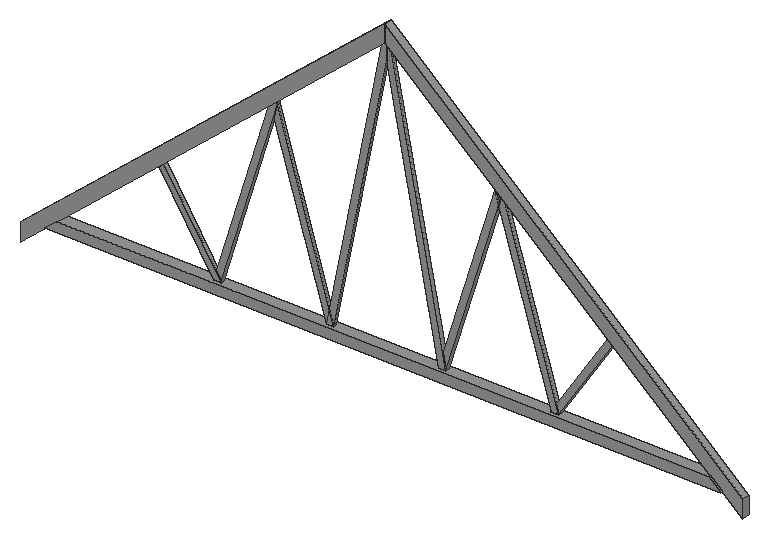
Revit family "DoubleFinkTruss", category Structural Framing, Revit 2022
Family settings
  Section Shape = Not Defined
  Material for Model Behavior = Wood
  Always export as geometry = No
  OmniClass Number = 23.25.30.21.14
  OmniClass Title = Trussed Beams and Joists
  Work Plane-Based = No
  Always vertical = Yes
  Cut with Voids When Loaded = No
  Symbolic Representation = From Family
  Shared = No
  Show family pre-cut in plan views = Yes
Parameters
  WebWidth [instance] = 50 mm
  TopWidth [instance] = 100 mm
  WebDepth [instance] = 100 mm
  Structural Material [instance] = Poche
  SpanleftMini [instance] = SpanLeft / 12  # 416.667 mm
  SpanRightMini [instance] = SpanRight / 12  # 416.667 mm
  SpanRight [instance] = 5000 mm
  SpanLeft [instance] = 5000 mm
  Span [instance] = SpanLeft + SpanRight  # 10000 mm
  SlopeRight [instance] = 40.00°
  SlopeLeft [instance] = 40.00°
  OverhangRight [instance] = 400 mm
  OverhangLeft [instance] = 300 mm
  BottomWidth [instance] = 180 mm
  BottomDepth [instance] = 150 mm
  TopDepth [instance] = 200 mm
Reference planes
  plane 1 "Center (Front/Back)": y = 0
  plane 2: z = 0
  plane 3 "Center (Left/Right)": x = 0
  plane 4: x = 5000
  plane 5: x = 5300
  plane 6: x = -5000
  plane 7: x = -5400
  plane 8: z = 150
  plane 9: x = -1666.667
  plane 10: x = -3333.333
  plane 11: x = 1666.667
  plane 12: x = 3333.333
  plane 13: x = -833.333
  plane 14: x = -2500
  plane 15: x = 833.333
  plane 16: x = 2500
  plane 17: x = -4166.667
  plane 18: x = 4166.667
Forms (mm)
  Extrusion 1, solid, material "Cherry"
    sketch origin (0, 0, 0) x (1, 0, 0) y (0, 0, 1)
      loop
        line (-5000, 0) -> (5000, 0) -> (4821.237, 150) -> (-4821.237, 150) -> (-5000, 0)
    from -90 to 90
  Extrusion 2, solid, material "Cherry"
    sketch origin (0, 0, 0) x (1, 0, 0) y (0, 0, 1)
      loop
        line (-61.717, 4143.711) -> (-884.383, 150) -> (-782.284, 150) -> (0, 3947.672) -> (0, 4195.498) -> (-61.717, 4143.711)
    from -25 to 25
  Extrusion 3, solid, material "Cherry"
    sketch origin (0, 0, 0) x (1, 0, 0) y (0, 0, 1)
      loop
        line (0, 3947.672) -> (782.284, 150) -> (884.383, 150) -> (61.717, 4143.711) -> (0, 4195.498) -> (0, 3947.672)
    from -25 to 25
  Extrusion 4, solid, material "Cherry"
    sketch origin (0, 0, 0) x (1, 0, 0) y (0, 0, 1)
      loop
        line (780.914, 150) -> (885.753, 150) -> (1708.132, 2762.205) -> (1625.201, 2831.792) -> (780.914, 150)
    from -25 to 25
  Extrusion 5, solid, material "Cherry"
    sketch origin (0, 0, 0) x (1, 0, 0) y (0, 0, 1)
      loop
        line (-1595.429, 2856.775) -> (-1737.905, 2737.223) -> (-2552.419, 150) -> (-2447.581, 150) -> (-1595.429, 2856.775)
    from -25 to 25
  Extrusion 6, solid, material "Cherry"
    sketch origin (0, 0, 0) x (1, 0, 0) y (0, 0, 1)
      loop
        line (1737.905, 2737.223) -> (1595.429, 2856.775) -> (2447.581, 150) -> (2552.419, 150) -> (1737.905, 2737.223)
    from -25 to 25
  Extrusion 7, solid, material "Cherry"
    sketch origin (0, 0, 0) x (1, 0, 0) y (0, 0, 1)
      loop
        line (5300, -251.73) -> (5300, 9.352) -> (0, 4456.58) -> (0, 4195.498) -> (5300, -251.73)
    from -50 to 50
  Extrusion 8, solid, material "Cherry"
    sketch origin (0, 0, 0) x (1, 0, 0) y (0, 0, 1)
      loop
        line (-5400, -335.64) -> (0, 4195.498) -> (0, 4456.58) -> (-5400, -74.558) -> (-5400, -335.64)
    from -50 to 50
  Extrusion 9, solid, material "Cherry"
    sketch origin (0, 0, 0) x (1, 0, 0) y (0, 0, 1)
      loop
        line (-2439.885, 150) -> (-3294.8, 1430.833) -> (-3371.867, 1366.166) -> (-2560.115, 150) -> (-2439.885, 150)
    from -25 to 25
  Extrusion 10, solid, material "Cherry"
    sketch origin (0, 0, 0) x (1, 0, 0) y (0, 0, 1)
      loop
        line (2560.115, 150) -> (3371.867, 1366.166) -> (3294.8, 1430.833) -> (2439.885, 150) -> (2560.115, 150)
    from -25 to 25
  Extrusion 11, solid, material "Cherry"
    sketch origin (0, 0, 0) x (1, 0, 0) y (0, 0, 1)
      loop
        line (-780.914, 150) -> (-1625.201, 2831.792) -> (-1708.132, 2762.205) -> (-885.753, 150) -> (-780.914, 150)
    from -25 to 25
Lines and regions (mm)
  reference lines
    curve 1: line (5000, 0, 0) -> (0, 0, 4195.498)
    curve 2: line (5311.145, 0, 0) -> (120, 0, 4355.888)
    curve 3: line (-5000, 0, 0) -> (0, 0, 4195.498)
    curve 4: line (-5122.147, 0, 158.588) -> (-162.055, 0, 4320.599)
    curve 5: line (0, 50, 1645.888) -> (0, 50, -804.112)
    curve 6: line (0, -50, 1645.888) -> (0, -50, -804.112)
    curve 7: line (0, -25, 1645.888) -> (0, -25, -804.112)
    curve 8: line (0, -90, 1645.888) -> (0, -90, -804.112)
    curve 9: line (0, 25, 1645.888) -> (0, 25, -804.112)
    curve 10: line (0, 90, 1645.888) -> (0, 90, -804.112)
    curve 11: line (0, 0, 4195.498) -> (-833.333, 0, 150)
    curve 12: line (-833.333, 0, 150) -> (-1666.667, 0, 2796.999)
    curve 13: line (-1666.667, 0, 2796.999) -> (-2500, 0, 150)
    curve 14: line (-2500, 0, 150) -> (-3333.333, 0, 1398.499)
    curve 15: line (0, 0, 4195.498) -> (833.333, 0, 150)
    curve 16: line (833.333, 0, 150) -> (1666.667, 0, 2796.999)
    curve 17: line (1666.667, 0, 2796.999) -> (2500, 0, 150)
    curve 18: line (2500, 0, 150) -> (3333.333, 0, 1398.499)
    curve 19: line (1763.839, 0, 2654.844) -> (2547.93, 0, 164.259)
    curve 20: line (1569.494, 0, 2939.153) -> (2452.07, 0, 135.741)
    curve 21: line (785.403, 0, 164.259) -> (1569.494, 0, 2654.844)
    curve 22: line (881.264, 0, 135.741) -> (1763.839, 0, 2939.153)
    curve 23: line (98.396, 0, 3965.651) -> (880.709, 0, 167.838)
    curve 24: line (-98.396, 0, 4425.345) -> (785.958, 0, 132.162)
    curve 25: line (-98.396, 0, 3965.651) -> (-880.709, 0, 167.838)
    curve 26: line (98.396, 0, 4425.345) -> (-785.958, 0, 132.162)
    curve 27: line (-785.403, 0, 164.259) -> (-1569.494, 0, 2654.844)
    curve 28: line (-881.264, 0, 135.741) -> (-1763.839, 0, 2939.153)
    curve 29: line (-1763.839, 0, 2654.844) -> (-2547.93, 0, 164.259)
    curve 30: line (-1569.494, 0, 2939.153) -> (-2452.07, 0, 135.741)
    curve 31: line (2476.718, 0, 205.182) -> (3245.135, 0, 1356.425)
    curve 32: line (2462.22, 0, 3.334) -> (3421.531, 0, 1440.574)
    curve 33: line (-2476.718, 0, 205.182) -> (-3245.135, 0, 1356.425)
    curve 34: line (-2462.22, 0, 3.334) -> (-3421.531, 0, 1440.574)
Dimensions and locks
  "OverhangLeft": plane 4 to plane 5
  "OverhangRight": plane 6 to plane 7
  "SpanRight": plane 3 "Center (Left/Right)" to plane 6
  "SpanLeft": plane 3 "Center (Left/Right)" to plane 4
  "BottomDepth": level to plane 8
  "TopDepth": curve 1 to curve 2
  "TopDepth": curve 4 to curve 3
  equal spacing: curve 5, plane 1 "Center (Front/Back)", curve 6
  "TopWidth": curve 5 to curve 6
  equal spacing: curve 9, plane 1 "Center (Front/Back)", curve 7
  equal spacing: curve 10, plane 1 "Center (Front/Back)", curve 8
  "WebWidth": curve 9 to curve 7
  "BottomWidth": curve 10 to curve 8
  plane 3 "Center (Left/Right)" to plane 15 to plane 11 to plane 16 to plane 12 to plane 18 to plane 4 = 833.333 mm, 833.333 mm, 833.333 mm, 833.333 mm, 833.333 mm, 833.333 mm
  plane 3 "Center (Left/Right)" to plane 13 to plane 9 to plane 14 to plane 10 to plane 17 to plane 6 = 833.333 mm, 833.333 mm, 833.333 mm, 833.333 mm, 833.333 mm, 833.333 mm
  equal spacing: curve 19, curve 17, curve 20
  equal spacing: curve 21, curve 16, curve 22
  equal spacing: curve 23, curve 15, curve 24
  equal spacing: curve 26, curve 11, curve 25
  equal spacing: curve 28, curve 12, curve 27
  equal spacing: curve 30, curve 13, curve 29
  "WebDepth": curve 19 to curve 20
  "WebDepth": curve 21 to curve 22
  "WebDepth": curve 23 to curve 24
  "WebDepth": curve 26 to curve 25
  "WebDepth": curve 28 to curve 27
  "WebDepth": curve 30 to curve 29
  equal spacing: plane 3 "Center (Left/Right)", plane 13, plane 9, plane 14, plane 10, plane 17, plane 6
  equal spacing: plane 3 "Center (Left/Right)", plane 15, plane 11, plane 16, plane 12, plane 18, plane 4
  equal spacing: curve 32, curve 18, curve 31
  equal spacing: curve 33, curve 14, curve 34
  "WebDepth": curve 32 to curve 31
  "WebDepth": curve 33 to curve 34
  "SlopeLeft": angle level to curve 1
  "SlopeRight": angle curve 3 to level
  aligned and locked: plane 2 to level
  aligned and locked: level to curve 1
  aligned and locked: plane 3 "Center (Left/Right)" to curve 1
  aligned and locked: plane 4 to curve 1
  aligned and locked: plane 6 to curve 3
  aligned and locked: level to Extrusion 1 sketch curve
  aligned and locked: plane 8 to Extrusion 1 sketch curve
  aligned and locked: Extrusion 1 sketch curve to curve 3
  aligned and locked: Extrusion 1 sketch curve to curve 1
  aligned and locked: curve 10 to Extrusion 1
  aligned and locked: Extrusion 1 to curve 8
  aligned and locked: Extrusion 2 sketch curve to curve 25
  aligned and locked: curve 26 to Extrusion 2 sketch curve
  aligned and locked: curve 3 to Extrusion 2 sketch curve
  aligned and locked: plane 3 "Center (Left/Right)" to Extrusion 2 sketch curve
  aligned and locked: Extrusion 1 to Extrusion 2 sketch curve
  aligned and locked: curve 24 to Extrusion 3 sketch curve
  aligned and locked: Extrusion 3 sketch curve to curve 23
  aligned and locked: plane 3 "Center (Left/Right)" to Extrusion 3 sketch curve
  aligned and locked: Extrusion 1 to Extrusion 3 sketch curve
  aligned and locked: curve 1 to Extrusion 3 sketch curve
  aligned and locked: Extrusion 4 sketch curve to curve 21
  aligned and locked: curve 22 to Extrusion 4 sketch curve
  aligned and locked: curve 1 to Extrusion 4 sketch curve
  aligned and locked: Extrusion 1 to Extrusion 4 sketch curve
  aligned and locked: Extrusion 3 to Extrusion 2  (x2)
  aligned and locked: Extrusion 2 to Extrusion 4
  aligned and locked: Extrusion 4 to Extrusion 2
  aligned and locked: curve 30 to Extrusion 5 sketch curve
  aligned and locked: Extrusion 5 sketch curve to curve 29
  aligned and locked: curve 3 to Extrusion 5 sketch curve
  aligned and locked: Extrusion 1 to Extrusion 5 sketch curve
  aligned and locked: Extrusion 6 sketch curve to curve 19
  aligned and locked: curve 20 to Extrusion 6 sketch curve
  aligned and locked: Extrusion 1 to Extrusion 6 sketch curve
  aligned and locked: curve 1 to Extrusion 6 sketch curve
  aligned and locked: Extrusion 2 to Extrusion 5
  aligned and locked: Extrusion 5 to Extrusion 2
  aligned and locked: Extrusion 2 to Extrusion 6
  aligned and locked: Extrusion 6 to Extrusion 2
  aligned and locked: Extrusion 7 sketch curve to curve 1
  aligned and locked: curve 2 to Extrusion 7 sketch curve
  aligned and locked: Extrusion 7 sketch curve to plane 3 "Center (Left/Right)"
  aligned and locked: Extrusion 7 sketch curve to plane 5
  aligned and locked: Extrusion 8 sketch curve to curve 3
  aligned and locked: Extrusion 8 sketch curve to curve 4
  aligned and locked: Extrusion 8 sketch curve to plane 3 "Center (Left/Right)"
  aligned and locked: plane 7 to Extrusion 8 sketch curve
  aligned and locked: Extrusion 8 to curve 5
  aligned and locked: Extrusion 8 to curve 6
  aligned and locked: Extrusion 7 to curve 5
  aligned and locked: Extrusion 7 to curve 6
  aligned and locked: Extrusion 9 sketch curve to curve 33
  aligned and locked: curve 34 to Extrusion 9 sketch curve
  aligned and locked: Extrusion 8 to Extrusion 9 sketch curve
  aligned and locked: Extrusion 1 to Extrusion 9 sketch curve
  aligned and locked: curve 32 to Extrusion 10 sketch curve
  aligned and locked: Extrusion 10 sketch curve to curve 31
  aligned and locked: Extrusion 7 to Extrusion 10 sketch curve
  aligned and locked: Extrusion 1 to Extrusion 10 sketch curve
  aligned and locked: curve 9 to Extrusion 9
  aligned and locked: Extrusion 9 to curve 7
  aligned and locked: curve 9 to Extrusion 10
  aligned and locked: Extrusion 10 to curve 7
  aligned and locked: Extrusion 11 sketch curve to curve 27
  aligned and locked: curve 28 to Extrusion 11 sketch curve
  aligned and locked: Extrusion 8 to Extrusion 11 sketch curve
  aligned and locked: Extrusion 1 to Extrusion 11 sketch curve
  aligned and locked: Extrusion 11 to curve 9
  aligned and locked: Extrusion 11 to curve 7
  aligned and locked: Extrusion 5 to curve 9
  aligned and locked: Extrusion 5 to curve 7
Automatic sketch dimensions
  level to curve 10 = 804.112 mm
  curve 5 to curve 10 = 0 mm
  curve 8 to curve 5 = 0 mm
  curve 8 to curve 6 = 0 mm  (x2)
  curve 8 to curve 7 = 0 mm  (x2)
  curve 9 to curve 10 = 0 mm  (x2)
  curve 6 to plane 8 = 1495.888 mm
  curve 6 to curve 9 = 0 mm
  curve 5 to curve 9 = 0 mm
  plane 10 to curve 14 = 0 mm
  curve 13 to plane 8 = 0 mm
  plane 14 to curve 13 = 0 mm
  plane 9 to curve 13 = 0 mm
  curve 12 to plane 8 = 0 mm
  plane 13 to curve 12 = 0 mm
  curve 16 to plane 8 = 0 mm
  curve 16 to plane 15 = 0 mm
  curve 16 to plane 11 = 0 mm
  curve 18 to plane 8 = 0 mm
  curve 18 to plane 16 = 0 mm
  curve 18 to plane 12 = 0 mm
  curve 2 to level = 0 mm
  curve 4 to plane 8 = 8.588 mm
  plane 10 to curve 34 = 88.198 mm
  curve 33 to plane 10 = 88.198 mm
  curve 29 to plane 8 = 14.259 mm
  curve 33 to plane 14 = 23.282 mm
  curve 34 to level = 3.334 mm
  plane 8 to curve 30 = 14.259 mm
  plane 9 to curve 28 = 97.173 mm
  plane 9 to curve 29 = 97.173 mm
  curve 30 to plane 9 = 97.173 mm
  curve 27 to plane 9 = 97.173 mm
  plane 8 to curve 28 = 14.259 mm
  curve 25 to plane 8 = 17.838 mm
  plane 8 to curve 26 = 17.838 mm
  curve 27 to plane 8 = 14.259 mm
  curve 4 to plane 3 "Center (Left/Right)" = 162.055 mm
  curve 25 to plane 3 "Center (Left/Right)" = 98.396 mm
  curve 24 to plane 3 "Center (Left/Right)" = 98.396 mm
  plane 3 "Center (Left/Right)" to curve 23 = 98.396 mm
  plane 3 "Center (Left/Right)" to curve 26 = 98.396 mm
  curve 26 to curve 2 = 21.604 mm
  curve 21 to plane 8 = 14.259 mm
  plane 8 to curve 24 = 17.838 mm
  curve 23 to plane 8 = 17.838 mm
  plane 8 to curve 22 = 14.259 mm
  curve 20 to plane 11 = 97.173 mm
  curve 21 to plane 11 = 97.173 mm
  plane 11 to curve 22 = 97.173 mm
  plane 11 to curve 19 = 97.173 mm
  plane 8 to curve 20 = 14.259 mm
  curve 32 to level = 3.334 mm
  curve 31 to plane 16 = 23.282 mm
  curve 19 to plane 8 = 14.259 mm
  curve 31 to plane 12 = 88.198 mm
  plane 12 to curve 32 = 88.198 mm
